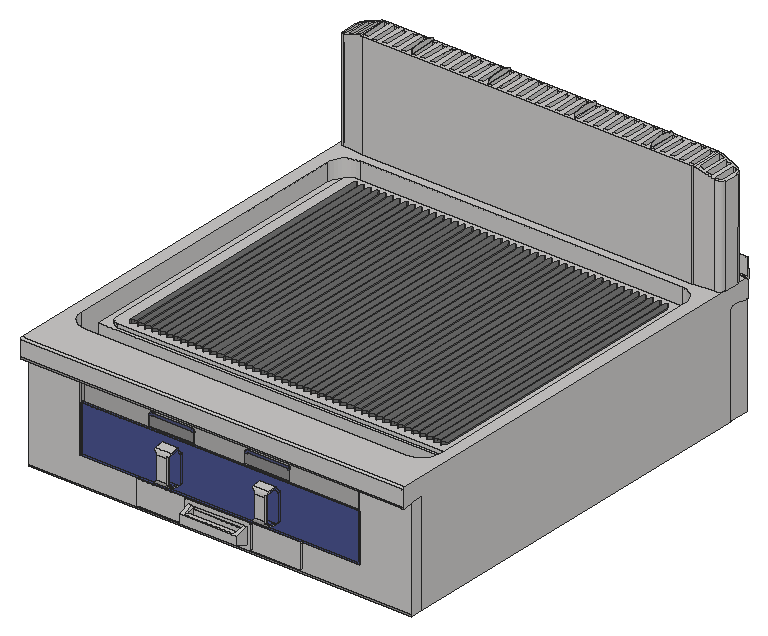
Revit family "QF_ELECTROLUXPROFESSIONAL_589103_MCHNABHOPO", category Specialty Equipment, Revit 2018
Family settings
  Round Connector Dimension = Use Diameter
  Part Type = Normal
  Work Plane-Based = No
  Always vertical = Yes
  Cut with Voids When Loaded = No
  Shared = No
  Room Calculation Point = No
Parameters
  Weight in Pounds = 264.6
  Watts = 0 W
  URL Cutsheet = ""
  Type Mark [instance] = ""
  Specification by User [instance] = ""
  Specification by Manufacturer = ""
  Show Clearance [instance] = yes
  Serial Number = ""
  Seismic Rating = ""
  SMACNA No = ""
  Revision Code [instance] = ""
  Omniclass Number and Title = ""
  NAFEM Spec ID Number = ""
  Model = "589103"
  Mechanical Remarks = ""
  Mechanical Connection Type = ""
  Masterspec = ""
  Manufacturer = "ELECTROLUX"
  Item Number [instance] = ""
  Installed By [instance] = ""
  Identify Quantity as Lot [instance] = yes
  HP = "0 HP"
  Gas Size = 1/2"
  Gas RI Height [instance] = 0 mm
  Gas KW = 20
  Gas Input [instance] = 68180.0 Btu/h
  Gas Connection Height = 0 mm
  Furnished By [instance] = ""
  Foodservice Equipment Identifier [instance] = yes
  Direct Waste Size = 0"
  Description = "GAS FRYTOP,RIBBED,1S,BSPL,800X900X250H"
  CSI MasterFormat = ""
  CSI Master Format = ""
Reference planes
  plane 1 "BACK": y = 0
  plane 2: z = 0
  plane 3 "LEFT": x = 0
  plane 4 "RIGHT": x = 800
  plane 5 "FRONT": y = -900
  plane 6 "TOP": z = 250
  plane 7: x = 400
  plane 8: y = -450
  plane 9: z = 481
  plane 10: y = -1330
Forms (mm)
  Extrusion 1, solid, material "QF_Finishes_Stainless Steel"
    sketch origin (0, -487.128, 0) x (0, 1, 0) y (0, 0, 1)
      loop
        line (483.128, 250) -> (-408.872, 250)
        arc (-408.872, 250) -> (-411.7, 248.828) -> (-412.872, 246) r 4
        line (-412.872, 246) -> (-412.872, 214)
        arc (-412.872, 214) -> (-411.443, 210.936) -> (-408.177, 210.061) r 4
        line (-408.177, 210.061) -> (-391.509, 213) -> (-366.872, 213) -> (-366.872, 0) -> (441.128, 0) -> (441.128, 213) -> (465.765, 213) -> (482.433, 210.061)
        arc (482.433, 210.061) -> (485.699, 210.936) -> (487.128, 214) r 4
        line (487.128, 214) -> (487.128, 246)
        arc (487.128, 246) -> (485.956, 248.828) -> (483.128, 250) r 4
    from 0 to 800
  Extrusion 2, void
    sketch origin (653.786, 44.048, 250) x (1, 0, 0) y (0, -1, 0)
      loop
        line (-590.636, 138.048) -> (83.064, 138.048)
        arc (83.064, 138.048) -> (110.04, 149.222) -> (121.214, 176.198) r 38.15
        line (121.214, 176.198) -> (121.214, 816.572)
        arc (121.214, 816.572) -> (109.944, 843.779) -> (82.737, 855.048) r 38.476
        line (82.737, 855.048) -> (-591.786, 855.048)
        arc (-591.786, 855.048) -> (-617.949, 844.211) -> (-628.786, 818.048) r 37
        line (-628.786, 818.048) -> (-628.786, 176.198)
        arc (-628.786, 176.198) -> (-617.613, 149.222) -> (-590.636, 138.048) r 38.15
    from 0 to 37
  Extrusion 3, void
    sketch origin (1307.573, 92.096, 213) x (0, 1, 0) y (1, 0, 0)
      loop
        line (-821.846, -532.573) -> (-864.62, -532.573)
        arc (-864.62, -532.573) -> (-891.827, -543.842) -> (-903.096, -571.049) r 38.476
        line (-903.096, -571.049) -> (-903.096, -1245.573)
        arc (-903.096, -1245.573) -> (-892.259, -1271.736) -> (-866.096, -1282.573) r 37
        line (-866.096, -1282.573) -> (-821.846, -1282.573) -> (-821.846, -532.573)
    from 0 to 25.6
  Extrusion 4, void
    sketch origin (1612.573, 92.096, 187.4) x (-1, 0, 0) y (0, 1, 0)
      loop
        circle (1212.573, -862.096) r 22.248
    from 0 to 92
  Extrusion 5, solid, material "QF_Finishes_Stainless Steel"
    sketch origin (0, -854, 0) x (1, 0, 0) y (0, -1, 0)
      loop
        circle (765, -264) r 6.35
    from 0 to 3.2
  Extrusion 6, solid, material "QF_Door-Drawer Clearances", visible <- "Show Clearance", detail levels coarse
    sketch origin (437.31, -881.593, 8.62) x (0, 0, 1) y (-1, 0, 0)
      loop
        line (1.973, -134.295) -> (49.317, -134.295)
        arc (49.317, -134.295) -> (50.776, -133.691) -> (51.38, -132.232) r 2.063
        line (51.38, -132.232) -> (51.38, 206.852)
        arc (51.38, 206.852) -> (50.88, 208.549) -> (49.541, 209.705) r 3.133
        line (49.541, 209.705) -> (3.067, 209.705)
        arc (3.067, 209.705) -> (0.898, 208.807) -> (0, 206.638) r 3.067
        line (0, 206.638) -> (0, -132.322)
        arc (0, -132.322) -> (0.578, -133.717) -> (1.973, -134.295) r 1.973
    from 0 to 448.407
  Extrusion 7, solid, material "QF_Clearances", visible <- "Show Clearance", detail levels coarse
    sketch origin (-178.969, -4572, 0) x (-1, 0, 0) y (0, -1, 0)
      loop
        line (-78.969, -3672) -> (-178.969, -3672) -> (-178.969, -4572) -> (-978.969, -4572) -> (-978.969, -3672) -> (-1078.969, -3672) -> (-1078.969, -4672) -> (-78.969, -4672) -> (-78.969, -3672)
    from 0 to 250
  Extrusion 8, solid, material "QF_Finishes_Stainless Steel"
    sketch origin (0, 0, 0) x (0, 1, 0) y (0, 0, 1)
      loop
        line (-2.951, 1.994) -> (-2.951, 210.127)
        arc (-2.951, 210.127) -> (-3.795, 210.003) -> (-4.646, 210.061) r 4
        line (-4.646, 210.061) -> (-21.287, 212.994) -> (-45, 212.994) -> (-45, -0.006) -> (-4.951, -0.006)
        arc (-4.951, -0.006) -> (-3.537, 0.58) -> (-2.951, 1.994) r 2
      loop
        arc (-1.951, 252) -> (-2.537, 250.586) -> (-3.951, 250) r 2
        arc (-3.951, 250) -> (-1.172, 248.823) -> (0, 245.994) r 4
        line (0, 245.994) -> (0, 288) -> (-1.951, 288) -> (-1.951, 252)
    from 800 to 0
Cuts and joins
  Extrusion 2, Extrusion 3, Extrusion 4 cuts Extrusion 1
Lines and regions (mm)
  symbolic lines
    curve 1: line (493.666, -902.326, 0) -> (493.666, -900, 0)
    curve 2: spline (499.334, -903.73, 0) -> (498.856, -903.657, 0) -> (498.378, -903.575, 0) -> (497.901, -903.486, 0) -> (497.425, -903.389, 0) -> (496.95, -903.283, 0) -> (496.476, -903.17, 0) -> (496.004, -903.049, 0) -> (495.533, -902.92, 0) -> (495.064, -902.783, 0) -> (494.596, -902.638, 0) -> (494.13, -902.486, 0) -> (493.666, -902.326, 0)
    curve 3: line (525.881, -902.326, 0) -> (525.881, -900, 0)
    curve 4: spline (525.881, -902.326, 0) -> (525.417, -902.486, 0) -> (524.951, -902.638, 0) -> (524.483, -902.783, 0) -> (524.014, -902.92, 0) -> (523.543, -903.049, 0) -> (523.071, -903.17, 0) -> (522.597, -903.283, 0) -> (522.122, -903.389, 0) -> (521.646, -903.486, 0) -> (521.169, -903.575, 0) -> (520.691, -903.657, 0) -> (520.213, -903.73, 0)
    curve 5: line (499.334, -903.73, 0) -> (520.213, -903.73, 0)
    curve 6: line (25, -774, 0) -> (25, -132.15, 0)
    curve 7: arc (25, -132.15, 0) -> (36.174, -105.174, 0) -> (63.15, -94, 0) r 38.15
    curve 8: line (63.15, -94, 0) -> (736.85, -94, 0)
    curve 9: arc (736.85, -94, 0) -> (763.826, -105.174, 0) -> (775, -132.15, 0) r 38.15
    curve 10: line (775, -132.15, 0) -> (775, -772.524, 0)
    curve 11: arc (775, -772.524, 0) -> (763.731, -799.731, 0) -> (736.524, -811, 0) r 38.476
    curve 12: line (736.524, -811, 0) -> (62, -811, 0)
    curve 13: arc (62, -811, 0) -> (35.837, -800.163, 0) -> (25, -774, 0) r 37
    curve 14: line (775, -729.75, 0) -> (25, -729.75, 0)
    curve 15: circle (400, -770, 0) r 22.248 normal (0, 0, -1)
    curve 16: line (0, 0, 0) -> (800, 0, 0)
    curve 17: line (0, -900, 0) -> (0, 0, 0)
    curve 18: line (800, -900, 0) -> (0, -900, 0)
    curve 19: line (800, 0, 0) -> (800, -900, 0)
    curve 20: line (347.608, -908.767, 0) -> (450.042, -908.767, 0)
    curve 21: line (450.042, -908.767, 0) -> (451.588, -900, 0)
    curve 22: line (347.608, -908.767, 0) -> (346.062, -900, 0)
    curve 29: line (0, -1.951, 0) -> (800, -1.951, 0)
  symbolic lines, style "QF_Door-Drawer Clearances"
    curve 23: line (227.605, -1330, 0) -> (227.605, -900, 0)
    curve 24: line (227.605, -1330, 0) -> (571.605, -1330, 0)
    curve 25: line (571.605, -1330, 0) -> (571.605, -900, 0)
  symbolic lines, style "QF_Clearances", visible <- "Show Clearance", detail levels coarse
    curve 26: line (-100, 100, 0) -> (-100, -900, 0)
    curve 27: line (900, 100, 0) -> (-100, 100, 0)
    curve 28: line (900, -900, 0) -> (900, 100, 0)
Dimensions and locks
  plane 3 "LEFT" to plane 4 "RIGHT" = 800 mm
  plane 5 "FRONT" to plane 1 "BACK" = 900 mm
  equal spacing: plane 3 "LEFT", plane 7, plane 4 "RIGHT"
  equal spacing: plane 5 "FRONT", plane 8, plane 1 "BACK"
  plane 6 "TOP" to level = 250 mm  (x2)
  plane 1 "BACK" to plane 5 "FRONT" = 900 mm
  Extrusion 5 sketch curve to plane 1 "BACK" = 590 mm
  Extrusion 5 sketch curve to plane 4 "RIGHT" = 35 mm
  plane 5 "FRONT" to plane 10 = 430 mm
  plane 9 to plane 6 "TOP" = 231 mm
  plane 9 to level = 481 mm
  Extrusion 7 to plane 3 "LEFT" = 100 mm
  plane 4 "RIGHT" to Extrusion 7 = 100 mm
  plane 1 "BACK" to Extrusion 7 = 100 mm
  aligned and locked: level to plane 2
  aligned and locked: Extrusion 6 to plane 10
  aligned and locked: plane 6 "TOP" to Extrusion 7
  aligned and locked: cut or joined group of Extrusion 1, Extrusion 2, Extrusion 3, Extrusion 4 to plane 4 "RIGHT"
  aligned and locked: plane 7 to nested 1
  aligned and locked: plane 7 to nested 2
  aligned and locked: Extrusion 8 to plane 4 "RIGHT"
  aligned and locked: plane 7 to nested 3
Automatic sketch dimensions
  Extrusion 1 to Extrusion 2 sketch curve = 90 mm
  Extrusion 1 to Extrusion 2 sketch curve = 122 mm
  Extrusion 1 to Extrusion 2 sketch curve = 25 mm
  Extrusion 2 sketch curve to Extrusion 2 sketch curve = 38.15 mm  (x2)
  Extrusion 1 to Extrusion 2 sketch curve = 123.476 mm
  Extrusion 1 to Extrusion 2 sketch curve = 85 mm
  Extrusion 2 sketch curve to Extrusion 2 sketch curve = 674.524 mm
  Extrusion 1 sketch curve to plane 5 "FRONT" = 0 mm
  Extrusion 1 sketch curve to plane 6 "TOP" = 0 mm
  Extrusion 1 sketch curve to level = 0 mm
  Extrusion 1 sketch curve to plane 1 "BACK" = 0 mm
  Extrusion 1 sketch curve to plane 6 "TOP" = 37 mm  (x2)
  Extrusion 1 sketch curve to plane 5 "FRONT" = 4 mm
  Extrusion 1 sketch curve to plane 5 "FRONT" = 21.363 mm
  Extrusion 1 sketch curve to plane 5 "FRONT" = 46 mm
  plane 1 "BACK" to Extrusion 1 sketch curve = 21.363 mm
  plane 1 "BACK" to Extrusion 1 sketch curve = 4 mm  (x2)
  Extrusion 1 sketch curve to Extrusion 1 sketch curve = 4 mm
  Extrusion 1 sketch curve to Extrusion 1 sketch curve = 0.695 mm
  Extrusion 1 sketch curve to Extrusion 1 sketch curve = 0 mm  (x4)
  plane 1 "BACK" to Extrusion 1 sketch curve = 4.695 mm
  Extrusion 1 sketch curve to Extrusion 1 sketch curve = 1 mm  (x2)
  plane 1 "BACK" to Extrusion 1 sketch curve = 46 mm
  Extrusion 3 sketch curve to Extrusion 2 = 81.25 mm
  Extrusion 2 to Extrusion 3 sketch curve = 0 mm  (x2)
  Extrusion 3 sketch curve to Extrusion 3 sketch curve = 37 mm
  Extrusion 3 sketch curve to Extrusion 3 sketch curve = 674.524 mm
  Extrusion 3 sketch curve to Extrusion 2 = 38.476 mm
  Extrusion 4 sketch curve to Extrusion 3 = 41 mm
  Extrusion 4 sketch curve to Extrusion 3 = 375 mm
  plane 1 "BACK" to Extrusion 7 sketch curve = 0 mm
  plane 5 "FRONT" to Extrusion 7 sketch curve = 0 mm  (x2)
  Extrusion 7 sketch curve to plane 4 "RIGHT" = 100 mm
  Extrusion 7 sketch curve to plane 1 "BACK" = 100 mm
  Extrusion 7 sketch curve to plane 3 "LEFT" = 100 mm
  Extrusion 7 sketch curve to plane 3 "LEFT" = 0 mm
  Extrusion 7 sketch curve to plane 4 "RIGHT" = 0 mm
  level to Extrusion 6 sketch curve = 8.62 mm
  level to Extrusion 6 sketch curve = 57.937 mm
  plane 7 to Extrusion 6 sketch curve = 171.605 mm
  Extrusion 6 sketch curve to Extrusion 6 sketch curve = 1.973 mm
  Extrusion 6 sketch curve to Extrusion 6 sketch curve = 3.067 mm
  Extrusion 6 sketch curve to Extrusion 6 sketch curve = 46.474 mm
  Extrusion 6 sketch curve to Extrusion 6 sketch curve = 2.063 mm
  Extrusion 6 sketch curve to Extrusion 6 sketch curve = 3.133 mm
  Extrusion 6 sketch curve to plane 7 = 169.328 mm
  Extrusion 8 sketch curve to plane 1 "BACK" = 0 mm  (x2)
  Extrusion 8 sketch curve to level = 0.006 mm
  Extrusion 8 sketch curve to plane 6 "TOP" = 0 mm
  Extrusion 8 sketch curve to Extrusion 8 sketch curve = 1.951 mm
  plane 1 "BACK" to Extrusion 8 sketch curve = 2.951 mm
  Extrusion 8 sketch curve to Extrusion 8 sketch curve = 2 mm  (x2)
  Extrusion 8 sketch curve to Extrusion 8 sketch curve = 18.335 mm
  Extrusion 8 sketch curve to Extrusion 8 sketch curve = 40.049 mm
  Extrusion 8 sketch curve to Extrusion 8 sketch curve = 1.695 mm
  Extrusion 8 sketch curve to Extrusion 8 sketch curve = 0 mm  (x3)
  Extrusion 8 sketch curve to Extrusion 8 sketch curve = 4 mm
  plane 1 "BACK" to Extrusion 8 sketch curve = 3.951 mm
  Extrusion 8 sketch curve to plane 6 "TOP" = 39.873 mm
  Extrusion 8 sketch curve to plane 6 "TOP" = 37.006 mm
  Extrusion 8 sketch curve to Extrusion 8 sketch curve = 36 mm
  Extrusion 8 sketch curve to Extrusion 8 sketch curve = 0.066 mm
  Extrusion 8 sketch curve to plane 6 "TOP" = 4.006 mm
  plane 1 "BACK" to curve 16 = 0 mm
  curve 25 to plane 10 = 0 mm
  curve 17 to plane 3 "LEFT" = 0 mm
  plane 5 "FRONT" to curve 18 = 0 mm
  plane 5 "FRONT" to curve 28 = 0 mm
  curve 29 to plane 4 "RIGHT" = 0 mm
  curve 15 to plane 7 = 0 mm
  plane 5 "FRONT" to curve 26 = 0 mm
  curve 27 to plane 4 "RIGHT" = 100 mm
  plane 4 "RIGHT" to curve 10 = 25 mm
  curve 10 to curve 12 = 38.476 mm
  plane 7 to curve 25 = 171.605 mm
  plane 5 "FRONT" to curve 3 = 2.326 mm
  curve 25 to curve 3 = 45.724 mm
  plane 5 "FRONT" to curve 5 = 3.73 mm
  curve 4 to curve 5 = 5.669 mm
  curve 5 to curve 5 = 20.878 mm
  plane 5 "FRONT" to curve 1 = 2.326 mm
  curve 2 to curve 1 = 5.669 mm
  plane 5 "FRONT" to curve 21 = 8.767 mm
  curve 2 to curve 21 = 43.623 mm
  curve 22 to plane 7 = 52.392 mm
  curve 23 to plane 7 = 172.395 mm
  plane 3 "LEFT" to curve 12 = 62 mm
  plane 3 "LEFT" to curve 6 = 25 mm
  curve 27 to plane 3 "LEFT" = 100 mm
  curve 3 to curve 4 = 9.839 mm
  plane 5 "FRONT" to curve 2 = 4.032 mm
  curve 2 to curve 5 = 4.17 mm
  curve 21 to curve 20 = 1.546 mm
  curve 20 to curve 22 = 1.546 mm
  curve 26 to plane 1 "BACK" = 100 mm
  plane 1 "BACK" to curve 8 = 94 mm
  plane 1 "BACK" to curve 29 = 1.951 mm
  curve 15 to plane 5 "FRONT" = 130 mm
  curve 2 to curve 4 = 0 mm
  plane 4 "RIGHT" to curve 8 = 63.15 mm
  plane 1 "BACK" to curve 6 = 132.15 mm
  curve 10 to plane 5 "FRONT" = 127.476 mm
  curve 14 to curve 13 = 44.25 mm
  radius of Extrusion 4 sketch curve = 22.248 mm
  radius of Extrusion 5 sketch curve = 6.35 mm
  radius of curve 15 = 22.248 mm
Nested families
  nested 1: "GG_900_800 Front Panel with Center Grease Trap" at (0, -854, -650), type "GG_900_800 Front Panel with Center Grease Trap"
  nested 2: "GG_900_Backsplash for 800 fryer" at (388.888, -5, -635.571), type "GG_900_Backsplash for 800 fryer"
  nested 3: "GG_900_800 mm Full Grate" at (400, -411.875, -675), type "GG_900_800 mm Full Grate"
Connectors
  piping at (765, -590, -3.2), diameter 12.8
    settings: on Extrusion 5, index 1, connector inside diameter 0.50394", connector length 0 mm, flow factor 0, pipe flow 0 GPM, pressure drop 0.00 psi, fitting loss kfactor 0, connector angle 0.00°, fixture units 0, engagement length 0 mm, angle of deflection 0.00°, flow configuration 1, flow direction 1, fitting loss method 0, system type 7, joint type 0, gender type 0, connector reference index -1, connector utility 0, adjustable connector no, is connector primary yes, connector description "GAS CONNECTION"
Definition of nested family "GG_900_800 Front Panel with Center Grease Trap"
  Reference planes
    plane 1 "Center (Front/Back)": y = 0
    plane 2: z = 0
    plane 3 "Center (Left/Right)": x = 0
    plane 4: y = -26.492
    plane 5: x = 400
    plane 6: x = 522.091
    plane 7: x = 319.468
  Forms (mm)
    Extrusion 1, solid
      sketch origin (1033.217, 829.203, -1.25) x (0, 1, 0) y (0, 0, 1)
        loop
          arc (-854.203, 654.25) -> (-853.324, 652.129) -> (-851.203, 651.25) r 3
          line (-851.203, 651.25) -> (-829.203, 651.25) -> (-829.203, 864.25) -> (-854.203, 864.25) -> (-854.203, 654.25)
      from -1033.217 to -233.217
    Extrusion 2, void
      sketch origin (1033.217, 829.203, -1.25) x (1, 0, 0) y (0, 0, 1)
        loop
          line (-341.217, 853.25) -> (-925.217, 853.25) -> (-925.217, 711.25) -> (-341.217, 711.25) -> (-341.217, 853.25)
      from 843.409 to 854.203
  Cuts and joins
    Extrusion 2 cuts Extrusion 1
  Dimensions and locks
    cut or joined group of Extrusion 1, Extrusion 2 to cut or joined group of Extrusion 1, Extrusion 2 = 108 mm
    nested 2 to plane 3 "Center (Left/Right)" = 108 mm
    nested 2 to plane 3 "Center (Left/Right)" = 252.97 mm
    cut or joined group of Extrusion 1, Extrusion 2 to nested 2 = 253.275 mm
    cut or joined group of Extrusion 1, Extrusion 2 to nested 4 = 297.909 mm
    nested 3 to plane 3 "Center (Left/Right)" = 298.218 mm
    aligned and locked: nested 1 to nested 2
  Nested families
    nested 1: "grease trap door" at (467.599, -25, 0.608) x (-1, 0, 0) z (0, 0, 1), type "grease trap door"
    nested 2: "Long Glass Control Panel w-Two Reads" at (108, -25, 5.811), type "Long Glass Control Panel w-Two Reads"
    nested 3: "Range Control Handle" at (298.218, -28.137, -207.75), type "Range Control Handle"
    nested 4: "Range Control Handle" at (502.091, -28.137, -207.75), type "Range Control Handle"
  Definition of nested family "grease trap door"
    Reference planes
      plane 1 "Center (Front/Back)": y = 0
      plane 2: z = 0
      plane 3 "Center (Left/Right)": x = 0
    Forms (mm)
      Extrusion 1, solid
        sketch origin (1627.55, 854.203, -1.25) x (1, 0, 0) y (0, 0, 1)
          loop
            arc (-1627.55, 661.235) -> (-1626.972, 659.84) -> (-1625.577, 659.262) r 1.973
            line (-1625.577, 659.262) -> (-1494.325, 659.262)
            arc (-1494.325, 659.262) -> (-1492.156, 660.16) -> (-1491.258, 662.329) r 3.067
            line (-1491.258, 662.329) -> (-1491.258, 708.803)
            arc (-1491.258, 708.803) -> (-1492.414, 710.143) -> (-1494.111, 710.642) r 3.133
            line (-1494.111, 710.642) -> (-1625.486, 710.642)
            arc (-1625.486, 710.642) -> (-1626.945, 710.038) -> (-1627.55, 708.579) r 2.063
            line (-1627.55, 708.579) -> (-1627.55, 661.235)
        from 856.795 to 859.203
      Extrusion 2, solid
        sketch origin (445.874, 2476.61, 0) x (0, 1, 0) y (0, 0, 1)
          loop
            line (-2506.377, 675.273) -> (-2481.61, 667.505) -> (-2481.61, 700.995) -> (-2506.377, 693.227) -> (-2506.377, 675.273)
        from -437.68 to -317.68
      Extrusion 3, void
        sketch origin (1627.55, 854.203, -1.25) x (1, 0, 0) y (0, 0, 1)
          loop
            line (-1614.883, 703) -> (-1610.542, 695.433) -> (-1508.17, 695.433) -> (-1503.828, 703) -> (-1614.883, 703)
          loop
            line (-1614.883, 668) -> (-1502.669, 668) -> (-1507.01, 675.567) -> (-1610.542, 675.567) -> (-1614.883, 668)
        from 832.916 to 883.97
      Extrusion 4, void
        sketch origin (447.55, 854.203, -1.25) x (1, 0, 0) y (0, 0, 1)
          loop
            line (-430.542, 695.433) -> (-430.542, 675.567) -> (-328.17, 675.567) -> (-328.17, 695.433) -> (-430.542, 695.433)
        from 859.203 to 874.202
      Extrusion 5, solid
        sketch origin (1627.55, 854.203, -1.25) x (1, 0, 0) y (0, 0, 1)
          loop
            arc (-1731.556, 661.235) -> (-1730.978, 659.84) -> (-1729.583, 659.262) r 1.973
            line (-1729.583, 659.262) -> (-1390.623, 659.262)
            arc (-1390.623, 659.262) -> (-1388.454, 660.16) -> (-1387.556, 662.329) r 3.067
            line (-1387.556, 662.329) -> (-1387.556, 708.803)
            arc (-1387.556, 708.803) -> (-1388.712, 710.143) -> (-1390.409, 710.642) r 3.133
            line (-1390.409, 710.642) -> (-1729.493, 710.642)
            arc (-1729.493, 710.642) -> (-1730.952, 710.038) -> (-1731.556, 708.579) r 2.063
            line (-1731.556, 708.579) -> (-1731.556, 661.235)
        from 854.203 to 856.795
    Cuts and joins
      Extrusion 3 cuts Extrusion 1
      Extrusion 3, Extrusion 4 cuts Extrusion 2
      joined: Extrusion 1, Extrusion 2
    Lines and regions (mm)
      symbolic lines
        curve 1: line (0, -2.593, 0) -> (136.292, -2.593, 0)
        curve 2: line (17.557, -29.767, 0) -> (12.667, -2.593, 0)
        curve 3: line (17.557, -29.767, 0) -> (119.991, -29.767, 0)
        curve 4: line (119.991, -29.767, 0) -> (124.881, -2.593, 0)
        curve 5: line (68.146, -2.593, 0) -> (68.146, -29.767, 0)
      model lines
        curve 6: line (67.599, 0, 658.012) -> (67.599, 0, 709.392)
    Dimensions and locks
      aligned and locked: Extrusion 2 to Extrusion 1
      aligned and locked: Extrusion 3 to Extrusion 2
      aligned and locked: Extrusion 4 to Extrusion 1
  Definition of nested family "Long Glass Control Panel w-Two Reads"
    Reference planes
      plane 1 "Center (Front/Back)": y = 0
      plane 2: z = 0
      plane 3 "Center (Left/Right)": x = 0
      plane 4: x = 584
      plane 5: x = 581.091
      plane 6: x = 350
      plane 7: x = 233.749
      plane 8 "Top": z = 846.189
      plane 9 "Center": x = 292
    Forms (mm)
      Extrusion 1, solid
        sketch origin (550.286, 304.8, -4.308) x (1, 0, 0) y (0, 0, 1)
          loop
            line (-550.286, 806.791) -> (-550.286, 708.497) -> (33.714, 708.497) -> (33.714, 806.791) -> (-550.286, 806.791)
        from 300.031 to 304.8
      Extrusion 2, solid
        sketch origin (550.286, 304.8, -4.308) x (1, 0, 0) y (0, 0, 1)
          loop
            line (-550.286, 850.497) -> (-550.286, 806.791) -> (33.714, 806.791) -> (33.714, 850.497) -> (-550.286, 850.497)
        from 300.031 to 304.8
      Extrusion 3, solid
        sketch origin (550.286, 305.901, -4.308) x (1, 0, 0) y (0, 0, 1)
          loop
            line (-311.561, 812.62) -> (-311.561, 834.177) -> (-316.37, 834.177) -> (-318.169, 835.977) -> (-398.599, 835.977) -> (-400.399, 834.177) -> (-405.316, 834.177) -> (-405.316, 812.62) -> (-311.561, 812.62)
          loop
            line (-111.561, 812.62) -> (-111.561, 834.177) -> (-116.37, 834.177) -> (-118.169, 835.977) -> (-198.599, 835.977) -> (-200.399, 834.177) -> (-205.316, 834.177) -> (-205.316, 812.62) -> (-111.561, 812.62)
        from 304.798 to 306.745
      Extrusion 4, solid
        sketch origin (550.286, 305.901, -4.308) x (1, 0, 0) y (0, 0, 1)
          loop
            line (-318.121, 835.977) -> (-316.321, 834.177) -> (-311.611, 834.177)
            arc (-311.611, 834.177) -> (-312.787, 838.752) -> (-317.062, 840.763) r 5.549
            line (-317.062, 840.763) -> (-399.768, 840.763)
            arc (-399.768, 840.763) -> (-404.024, 838.747) -> (-405.16, 834.177) r 5.5
            line (-405.16, 834.177) -> (-400.351, 834.177) -> (-398.551, 835.977) -> (-318.121, 835.977)
          loop
            line (-200.222, 834.177) -> (-198.422, 835.977) -> (-117.993, 835.977) -> (-116.193, 834.177) -> (-111.482, 834.177)
            arc (-111.482, 834.177) -> (-112.659, 838.752) -> (-116.934, 840.763) r 5.549
            line (-116.934, 840.763) -> (-199.639, 840.763)
            arc (-199.639, 840.763) -> (-203.895, 838.747) -> (-205.031, 834.177) r 5.5
            line (-205.031, 834.177) -> (-200.222, 834.177)
        from 304.798 to 306.745
      Extrusion 5, void
        sketch origin (550.286, 304.8, -4.308) x (1, 0, 0) y (0, 0, 1)
          loop
            line (-547.628, 847.565) -> (-547.628, 710.699) -> (30.804, 710.699) -> (30.804, 847.565) -> (-547.628, 847.565)
        from 303.697 to 304.8
    Cuts and joins
      Extrusion 5 cuts Extrusion 1
      Extrusion 5 cuts Extrusion 2
      Extrusion 5 cuts Extrusion 3
      Extrusion 5 cuts Extrusion 4
    Lines and regions (mm)
      symbolic lines
        curve 1: line (0, 4.769, 0) -> (584, 4.769, 0)
    Dimensions and locks
      plane 4 to plane 3 "Center (Left/Right)" = 584 mm
      locked: plane 4 to plane 5 at 2.909
      plane 4 to plane 6 = 234 mm
      plane 7 to plane 3 "Center (Left/Right)" = 233.749 mm
      aligned and locked: Extrusion 1 to Extrusion 2
      aligned and locked: Extrusion 3 to Extrusion 4
  Definition of nested family "Range Control Handle"
    Reference planes
      plane 1 "Center (Front/Back)": y = 0
      plane 2: z = 0
      plane 3 "Center (Left/Right)": x = 0
      plane 4: z = 971.092
    Forms (mm)
      Extrusion 1, solid
        sketch origin (-746.28, 380.497, 208.931) x (-1, 0, 0) y (0, 0, 1)
          loop
            line (-770.101, 786.798) -> (-770.101, 731.649)
            arc (-770.101, 731.649) -> (-769.759, 730.563) -> (-768.855, 729.87) r 1.893
            line (-768.855, 729.87) -> (-763.474, 727.911) -> (-729.81, 727.911) -> (-724.428, 729.87)
            arc (-724.428, 729.87) -> (-723.525, 730.563) -> (-723.183, 731.649) r 1.893
            line (-723.183, 731.649) -> (-723.183, 786.798)
            arc (-723.183, 786.798) -> (-723.529, 787.894) -> (-724.44, 788.593) r 1.91
            line (-724.44, 788.593) -> (-729.683, 790.819) -> (-763.601, 790.819) -> (-768.844, 788.593)
            arc (-768.844, 788.593) -> (-769.755, 787.894) -> (-770.101, 786.798) r 1.91
        from -382.35 to -378.852
      Sweep 2, solid
        path origin (-746.788, 380.496, 208.091) x (0, -1, 0) y (0, 0, 1)
          loop
            line (379.775, 793.281) -> (395.661, 791.048)
            arc (395.661, 791.048) -> (397.781, 787.377) -> (398.517, 783.202) r 12.207
            line (398.517, 783.202) -> (398.517, 737.368)
            arc (398.517, 737.368) -> (397.781, 733.193) -> (395.661, 729.522) r 12.207
            line (395.661, 729.522) -> (379.775, 727.289)
        profile origin (-746.788, -7.222, 1000.256) x (0, -0.139173, 0.990268) y (-1, 0, 0)
          loop
            line (0.782, -763.123) -> (0.782, -730.907) -> (-1.322, -730.907) -> (-1.322, -763.123) -> (0.782, -763.123)
      Sweep 3, solid
        path origin (-746.788, 380.715, 207.832) x (0, -1, 0) y (0, 0, 1)
          loop
            line (380.478, 795.442) -> (397.218, 793.09)
            arc (397.218, 793.09) -> (399.929, 788.473) -> (400.871, 783.202) r 15.207
            line (400.871, 783.202) -> (400.871, 737.584)
            arc (400.871, 737.584) -> (399.914, 732.274) -> (397.164, 727.633) r 15.207
            line (397.164, 727.633) -> (380.601, 725.305)
        profile origin (-746.788, -8.132, 1002.099) x (0, -0.139173, 0.990268) y (-1, 0, 0)
          loop
            line (0.782, -763.123) -> (0.782, -730.907) -> (-1.322, -730.907) -> (-1.322, -763.123) -> (0.782, -763.123)
      Extrusion 4, void
        sketch origin (889.253, 220.666, 207.993) x (1, 0, 0) y (0, 0, 1)
          loop
            line (-943.038, 816.854) -> (-943.038, 703.686) -> (-899.466, 734.196) -> (-899.466, 786.344) -> (-943.038, 816.854)
        from 230.636 to 242.25
      Extrusion 5, void
        sketch origin (-888.8, 220.666, 207.993) x (-1, 0, 0) y (0, 0, -1)
          loop
            line (-943.038, -816.854) -> (-899.466, -786.344) -> (-899.466, -734.196) -> (-943.038, -703.686) -> (-943.038, -816.854)
        from 230.636 to 242.25
      Extrusion 6, solid
        sketch origin (0, 0, 0) x (1, 0, 0) y (0, 0, 1)
          loop
            circle (0, 971.092) r 7.736
        from -3.137 to -1.645
    Cuts and joins
      Extrusion 4, Extrusion 5 cuts Sweep 3
      Extrusion 4, Extrusion 5 cuts Sweep 2
      joined: Extrusion 1, Extrusion 6
    Lines and regions (mm)
      symbolic lines
        curve 1: line (23.821, 1.645, 0) -> (-23.097, 1.645, 0)
        curve 2: line (16.334, -1.853, 0) -> (23.821, -1.853, 0)
        curve 3: line (-15.881, -19.189, 0) -> (-15.881, -1.853, 0)
        curve 4: line (-23.097, -1.853, 0) -> (-15.881, -1.853, 0)
        curve 5: line (16.334, -19.189, 0) -> (16.334, -1.853, 0)
        curve 6: spline (-15.881, -19.189, 0) -> (-15.417, -19.349, 0) -> (-14.951, -19.501, 0) -> (-14.483, -19.646, 0) -> (-14.014, -19.783, 0) -> (-13.543, -19.912, 0) -> (-13.071, -20.033, 0) -> (-12.597, -20.146, 0) -> (-12.122, -20.251, 0) -> (-11.646, -20.349, 0) -> (-11.169, -20.438, 0) -> (-10.691, -20.52, 0) -> (-10.213, -20.593, 0)
        curve 7: spline (10.666, -20.593, 0) -> (11.144, -20.52, 0) -> (11.622, -20.438, 0) -> (12.099, -20.349, 0) -> (12.575, -20.251, 0) -> (13.05, -20.146, 0) -> (13.524, -20.033, 0) -> (13.996, -19.912, 0) -> (14.467, -19.783, 0) -> (14.936, -19.646, 0) -> (15.404, -19.501, 0) -> (15.87, -19.349, 0) -> (16.334, -19.189, 0)
        curve 8: line (-10.213, -20.938, 0) -> (10.716, -20.938, 0)
        curve 9: line (-23.097, 1.645, 0) -> (-23.097, -1.853, 0)
        curve 10: line (23.821, 1.645, 0) -> (23.821, -1.853, 0)
Definition of nested family "GG_900_Backsplash for 800 fryer"
  Reference planes
    plane 1 "Center (Front/Back)": y = 0
    plane 2: z = 0
    plane 3 "Center (Left/Right)": x = 11.112
    plane 4: x = -388.888
    plane 5: x = 411.112
    plane 6: y = -37.994
  Forms (mm)
    Extrusion 1, solid
      sketch origin (3208.371, -22.924, -275.679) x (1, 0, 0) y (0, 0, 1)
        loop
          line (-3597.259, 1365.162) -> (-3597.259, 1161.25) -> (-2797.259, 1161.25) -> (-2797.259, 1364.934) -> (-2841.553, 1381.055)
          arc (-2841.553, 1381.055) -> (-2844.994, 1381.949) -> (-2848.536, 1382.25) r 21
          line (-2848.536, 1382.25) -> (-3546.608, 1382.25)
          arc (-3546.608, 1382.25) -> (-3550.146, 1381.95) -> (-3553.582, 1381.058) r 21
          line (-3553.582, 1381.058) -> (-3597.259, 1365.162)
      from -17.885 to 48.024
    Extrusion 2, void
      sketch origin (3108.387, -925.98, -226.348) x (1, 0, 0) y (0, 1, 0)
        loop
          line (-3444.887, 915.362) -> (-3444.887, 861.502) -> (-3434.887, 861.502) -> (-3434.887, 915.362) -> (-3444.887, 915.362)
      from 1111.919 to 1332.919
    Extrusion 3, void
      sketch origin (3789.012, -925.98, -226.348) x (1, 0, 0) y (0, 1, 0)
        loop
          line (-3444.887, 915.362) -> (-3444.887, 861.502) -> (-3434.887, 861.502) -> (-3434.887, 915.362) -> (-3444.887, 915.362)
      from 1111.919 to 1332.919
    Extrusion 4, void
      sketch origin (3128.405, -925.98, -226.348) x (1, 0, 0) y (0, 1, 0)
        loop
          line (-3444.887, 915.362) -> (-3444.887, 861.502) -> (-3434.887, 861.502) -> (-3434.887, 915.362) -> (-3444.887, 915.362)
      from 1111.919 to 1332.919
    Extrusion 5, void
      sketch origin (3148.424, -925.98, -226.348) x (1, 0, 0) y (0, 1, 0)
        loop
          line (-3444.887, 915.362) -> (-3444.887, 861.502) -> (-3434.887, 861.502) -> (-3434.887, 915.362) -> (-3444.887, 915.362)
      from 1111.919 to 1332.919
    Extrusion 6, void
      sketch origin (3168.442, -925.98, -226.348) x (1, 0, 0) y (0, 1, 0)
        loop
          line (-3444.887, 915.362) -> (-3444.887, 861.502) -> (-3434.887, 861.502) -> (-3434.887, 915.362) -> (-3444.887, 915.362)
      from 1111.919 to 1332.919
    Extrusion 7, void
      sketch origin (3188.46, -925.98, -226.348) x (1, 0, 0) y (0, 1, 0)
        loop
          line (-3444.887, 915.362) -> (-3444.887, 861.502) -> (-3434.887, 861.502) -> (-3434.887, 915.362) -> (-3444.887, 915.362)
      from 1111.919 to 1332.919
    Extrusion 8, void
      sketch origin (3208.479, -925.98, -226.348) x (1, 0, 0) y (0, 1, 0)
        loop
          line (-3444.887, 915.362) -> (-3444.887, 861.502) -> (-3434.887, 861.502) -> (-3434.887, 915.362) -> (-3444.887, 915.362)
      from 1111.919 to 1332.919
    Extrusion 9, void
      sketch origin (3228.497, -925.98, -226.348) x (1, 0, 0) y (0, 1, 0)
        loop
          line (-3444.887, 915.362) -> (-3444.887, 861.502) -> (-3434.887, 861.502) -> (-3434.887, 915.362) -> (-3444.887, 915.362)
      from 1111.919 to 1332.919
    Extrusion 10, void
      sketch origin (3248.516, -925.98, -226.348) x (1, 0, 0) y (0, 1, 0)
        loop
          line (-3444.887, 915.362) -> (-3444.887, 861.502) -> (-3434.887, 861.502) -> (-3434.887, 915.362) -> (-3444.887, 915.362)
      from 1111.919 to 1332.919
    Extrusion 11, void
      sketch origin (3268.534, -925.98, -226.348) x (1, 0, 0) y (0, 1, 0)
        loop
          line (-3444.887, 915.362) -> (-3444.887, 861.502) -> (-3434.887, 861.502) -> (-3434.887, 915.362) -> (-3444.887, 915.362)
      from 1111.919 to 1332.919
    Extrusion 12, void
      sketch origin (3288.552, -925.98, -226.348) x (1, 0, 0) y (0, 1, 0)
        loop
          line (-3444.887, 915.362) -> (-3444.887, 861.502) -> (-3434.887, 861.502) -> (-3434.887, 915.362) -> (-3444.887, 915.362)
      from 1111.919 to 1332.919
    Extrusion 13, void
      sketch origin (3308.571, -925.98, -226.348) x (1, 0, 0) y (0, 1, 0)
        loop
          line (-3444.887, 915.362) -> (-3444.887, 861.502) -> (-3434.887, 861.502) -> (-3434.887, 915.362) -> (-3444.887, 915.362)
      from 1111.919 to 1332.919
    Extrusion 14, void
      sketch origin (3328.589, -925.98, -226.348) x (1, 0, 0) y (0, 1, 0)
        loop
          line (-3444.887, 915.362) -> (-3444.887, 861.502) -> (-3434.887, 861.502) -> (-3434.887, 915.362) -> (-3444.887, 915.362)
      from 1111.919 to 1332.919
    Extrusion 15, void
      sketch origin (3348.607, -925.98, -226.348) x (1, 0, 0) y (0, 1, 0)
        loop
          line (-3444.887, 915.362) -> (-3444.887, 861.502) -> (-3434.887, 861.502) -> (-3434.887, 915.362) -> (-3444.887, 915.362)
      from 1111.919 to 1332.919
    Extrusion 16, void
      sketch origin (3368.626, -925.98, -226.348) x (1, 0, 0) y (0, 1, 0)
        loop
          line (-3444.887, 915.362) -> (-3444.887, 861.502) -> (-3434.887, 861.502) -> (-3434.887, 915.362) -> (-3444.887, 915.362)
      from 1111.919 to 1332.919
    Extrusion 17, void
      sketch origin (3388.644, -925.98, -226.348) x (1, 0, 0) y (0, 1, 0)
        loop
          line (-3444.887, 915.362) -> (-3444.887, 861.502) -> (-3434.887, 861.502) -> (-3434.887, 915.362) -> (-3444.887, 915.362)
      from 1111.919 to 1332.919
    Extrusion 18, void
      sketch origin (3408.663, -925.98, -226.348) x (1, 0, 0) y (0, 1, 0)
        loop
          line (-3444.887, 915.362) -> (-3444.887, 861.502) -> (-3434.887, 861.502) -> (-3434.887, 915.362) -> (-3444.887, 915.362)
      from 1111.919 to 1332.919
    Extrusion 19, void
      sketch origin (3428.681, -925.98, -226.348) x (1, 0, 0) y (0, 1, 0)
        loop
          line (-3444.887, 915.362) -> (-3444.887, 861.502) -> (-3434.887, 861.502) -> (-3434.887, 915.362) -> (-3444.887, 915.362)
      from 1111.919 to 1332.919
    Extrusion 20, void
      sketch origin (3448.699, -925.98, -226.348) x (1, 0, 0) y (0, 1, 0)
        loop
          line (-3444.887, 915.362) -> (-3444.887, 861.502) -> (-3434.887, 861.502) -> (-3434.887, 915.362) -> (-3444.887, 915.362)
      from 1111.919 to 1332.919
    Extrusion 21, void
      sketch origin (3468.718, -925.98, -226.348) x (1, 0, 0) y (0, 1, 0)
        loop
          line (-3444.887, 915.362) -> (-3444.887, 861.502) -> (-3434.887, 861.502) -> (-3434.887, 915.362) -> (-3444.887, 915.362)
      from 1111.919 to 1332.919
    Extrusion 22, void
      sketch origin (3488.736, -925.98, -226.348) x (1, 0, 0) y (0, 1, 0)
        loop
          line (-3444.887, 915.362) -> (-3444.887, 861.502) -> (-3434.887, 861.502) -> (-3434.887, 915.362) -> (-3444.887, 915.362)
      from 1111.919 to 1332.919
    Extrusion 23, void
      sketch origin (3508.755, -925.98, -226.348) x (1, 0, 0) y (0, 1, 0)
        loop
          line (-3444.887, 915.362) -> (-3444.887, 861.502) -> (-3434.887, 861.502) -> (-3434.887, 915.362) -> (-3444.887, 915.362)
      from 1111.919 to 1332.919
    Extrusion 24, void
      sketch origin (3528.773, -925.98, -226.348) x (1, 0, 0) y (0, 1, 0)
        loop
          line (-3444.887, 915.362) -> (-3444.887, 861.502) -> (-3434.887, 861.502) -> (-3434.887, 915.362) -> (-3444.887, 915.362)
      from 1111.919 to 1332.919
    Extrusion 25, void
      sketch origin (3548.791, -925.98, -226.348) x (1, 0, 0) y (0, 1, 0)
        loop
          line (-3444.887, 915.362) -> (-3444.887, 861.502) -> (-3434.887, 861.502) -> (-3434.887, 915.362) -> (-3444.887, 915.362)
      from 1111.919 to 1332.919
    Extrusion 26, void
      sketch origin (3568.81, -925.98, -226.348) x (1, 0, 0) y (0, 1, 0)
        loop
          line (-3444.887, 915.362) -> (-3444.887, 861.502) -> (-3434.887, 861.502) -> (-3434.887, 915.362) -> (-3444.887, 915.362)
      from 1111.919 to 1332.919
    Extrusion 27, void
      sketch origin (3588.828, -925.98, -226.348) x (1, 0, 0) y (0, 1, 0)
        loop
          line (-3444.887, 915.362) -> (-3444.887, 861.502) -> (-3434.887, 861.502) -> (-3434.887, 915.362) -> (-3444.887, 915.362)
      from 1111.919 to 1332.919
    Extrusion 28, void
      sketch origin (3608.846, -925.98, -226.348) x (1, 0, 0) y (0, 1, 0)
        loop
          line (-3444.887, 915.362) -> (-3444.887, 861.502) -> (-3434.887, 861.502) -> (-3434.887, 915.362) -> (-3444.887, 915.362)
      from 1111.919 to 1332.919
    Extrusion 29, void
      sketch origin (3628.865, -925.98, -226.348) x (1, 0, 0) y (0, 1, 0)
        loop
          line (-3444.887, 915.362) -> (-3444.887, 861.502) -> (-3434.887, 861.502) -> (-3434.887, 915.362) -> (-3444.887, 915.362)
      from 1111.919 to 1332.919
    Extrusion 30, void
      sketch origin (3648.883, -925.98, -226.348) x (1, 0, 0) y (0, 1, 0)
        loop
          line (-3444.887, 915.362) -> (-3444.887, 861.502) -> (-3434.887, 861.502) -> (-3434.887, 915.362) -> (-3444.887, 915.362)
      from 1111.919 to 1332.919
    Extrusion 31, void
      sketch origin (3668.902, -925.98, -226.348) x (1, 0, 0) y (0, 1, 0)
        loop
          line (-3444.887, 915.362) -> (-3444.887, 861.502) -> (-3434.887, 861.502) -> (-3434.887, 915.362) -> (-3444.887, 915.362)
      from 1111.919 to 1332.919
    Extrusion 32, void
      sketch origin (0, 0, 0) x (1, 0, 0) y (0, 1, 0)
        loop
          line (-373.021, -61.567) -> (-373.021, -14.408) -> (-377.678, -14.821)
          spline (-377.678, -14.821) -> (-378.371, -14.929) -> (-379.046, -15.126) -> (-379.692, -15.41) -> (-380.301, -15.777) -> (-380.864, -16.22) -> (-381.37, -16.734) -> (-381.814, -17.309) -> (-382.188, -17.939) -> (-382.486, -18.613) -> (-382.704, -19.32) -> (-382.839, -20.051) -> (-382.888, -20.793)
          line (-382.888, -20.793) -> (-382.888, -55.104)
          spline (-382.888, -55.104) -> (-382.855, -55.807) -> (-382.746, -56.501) -> (-382.562, -57.176) -> (-382.305, -57.825) -> (-381.98, -58.437) -> (-381.589, -59.005) -> (-381.14, -59.521) -> (-380.637, -59.978) -> (-380.087, -60.369) -> (-379.499, -60.69) -> (-378.879, -60.936) -> (-378.237, -61.104)
          line (-378.237, -61.104) -> (-373.021, -61.567)
        loop
          line (-367.195, -62.083) -> (-357.328, -62.958) -> (-357.328, -13.046) -> (-367.195, -13.892) -> (-367.195, -62.083)
        loop
          line (-351.502, -12.529) -> (-351.502, -63.476) -> (-341.546, -64.358) -> (-341.546, -11.645) -> (-351.502, -12.529)
        loop
          line (399.338, -14.802) -> (395.245, -14.439) -> (395.245, -61.567) -> (399.902, -61.184)
          spline (399.902, -61.184) -> (400.6, -61.075) -> (401.279, -60.875) -> (401.93, -60.588) -> (402.542, -60.217) -> (403.106, -59.768) -> (403.614, -59.248) -> (404.058, -58.666) -> (404.43, -58.029) -> (404.726, -57.349) -> (404.94, -56.634) -> (405.069, -55.897) -> (405.112, -55.149)
          line (405.112, -55.149) -> (405.112, -20.839)
          spline (405.112, -20.839) -> (405.061, -20.042) -> (404.913, -19.26) -> (404.668, -18.505) -> (404.333, -17.791) -> (403.912, -17.13) -> (403.412, -16.534) -> (402.844, -16.014) -> (402.215, -15.577) -> (401.539, -15.233) -> (400.825, -14.986) -> (400.087, -14.842) -> (399.338, -14.802)
        loop
          line (389.419, -13.922) -> (379.552, -13.046) -> (379.552, -62.989) -> (389.419, -62.113) -> (389.419, -13.922)
        loop
          line (363.77, -11.615) -> (363.77, -64.389) -> (373.726, -63.506) -> (373.726, -12.499) -> (363.77, -11.615)
      from 885.571 to 1106.571
    Extrusion 33, void
      sketch origin (5.432, 225.414, 0) x (1, 0, 0) y (0, 1, 0)
        loop
          spline (-382.452, -291.267) -> (-383.887, -291.038) -> (-385.284, -290.622) -> (-386.623, -290.026) -> (-387.883, -289.259) -> (-389.044, -288.332) -> (-390.088, -287.26) -> (-391.001, -286.059) -> (-391.767, -284.747) -> (-392.375, -283.345) -> (-392.817, -281.874) -> (-393.084, -280.356) -> (-393.174, -278.815)
          line (-393.174, -278.815) -> (-403.174, -278.815) -> (-403.174, -302.496) -> (-338.508, -302.496) -> (-338.508, -295.112) -> (-382.452, -291.267)
        loop
          line (-382.452, -235.548) -> (-338.508, -231.703) -> (-338.508, -224.32) -> (-403.174, -224.32) -> (-403.174, -248.001) -> (-393.174, -248.001)
          spline (-393.174, -248.001) -> (-393.084, -246.459) -> (-392.817, -244.941) -> (-392.375, -243.47) -> (-391.767, -242.068) -> (-391.001, -240.757) -> (-390.088, -239.556) -> (-389.044, -238.484) -> (-387.883, -237.557) -> (-386.623, -236.79) -> (-385.284, -236.194) -> (-383.887, -235.778) -> (-382.452, -235.548)
        loop
          line (393.082, -291.267) -> (349.139, -295.112) -> (349.139, -302.496) -> (413.805, -302.496) -> (413.805, -278.815) -> (403.805, -278.815)
          spline (403.805, -278.815) -> (403.715, -280.356) -> (403.447, -281.874) -> (403.006, -283.345) -> (402.398, -284.747) -> (401.631, -286.059) -> (400.719, -287.26) -> (399.674, -288.332) -> (398.513, -289.259) -> (397.254, -290.026) -> (395.915, -290.622) -> (394.518, -291.038) -> (393.082, -291.267)
        loop
          spline (393.082, -235.548) -> (394.518, -235.778) -> (395.915, -236.194) -> (397.254, -236.79) -> (398.513, -237.557) -> (399.674, -238.484) -> (400.719, -239.556) -> (401.631, -240.757) -> (402.398, -242.068) -> (403.006, -243.47) -> (403.447, -244.941) -> (403.715, -246.459) -> (403.805, -248.001)
          line (403.805, -248.001) -> (413.805, -248.001) -> (413.805, -224.32) -> (349.139, -224.32) -> (349.139, -231.703) -> (393.082, -235.548)
      from 0 to 1124.213
    Extrusion 34, void
      sketch origin (3688.92, -925.98, -226.348) x (1, 0, 0) y (0, 1, 0)
        loop
          line (-3444.887, 915.362) -> (-3444.887, 861.502) -> (-3434.887, 861.502) -> (-3434.887, 915.362) -> (-3444.887, 915.362)
      from 1111.919 to 1332.919
    Extrusion 35, void
      sketch origin (3708.938, -925.98, -226.348) x (1, 0, 0) y (0, 1, 0)
        loop
          line (-3444.887, 915.362) -> (-3444.887, 861.502) -> (-3434.887, 861.502) -> (-3434.887, 915.362) -> (-3444.887, 915.362)
      from 1111.919 to 1332.919
    Extrusion 36, void
      sketch origin (3728.957, -925.98, -226.348) x (1, 0, 0) y (0, 1, 0)
        loop
          line (-3444.887, 915.362) -> (-3444.887, 861.502) -> (-3434.887, 861.502) -> (-3434.887, 915.362) -> (-3444.887, 915.362)
      from 1111.919 to 1332.919
    Extrusion 37, void
      sketch origin (3748.975, -925.98, -226.348) x (1, 0, 0) y (0, 1, 0)
        loop
          line (-3444.887, 915.362) -> (-3444.887, 861.502) -> (-3434.887, 861.502) -> (-3434.887, 915.362) -> (-3444.887, 915.362)
      from 1111.919 to 1332.919
    Extrusion 38, void
      sketch origin (3768.993, -925.98, -226.348) x (1, 0, 0) y (0, 1, 0)
        loop
          line (-3444.887, 915.362) -> (-3444.887, 861.502) -> (-3434.887, 861.502) -> (-3434.887, 915.362) -> (-3444.887, 915.362)
      from 1111.919 to 1332.919
    Extrusion 39, solid
      sketch origin (259.122, 1835.817, -536.686) x (0, 1, 0) y (0, 0, 1)
        loop
          line (-1849.66, 1651.2) -> (-1860.917, 1653.592)
          arc (-1860.917, 1653.592) -> (-1873.392, 1654.903) -> (-1885.866, 1653.592) r 60
          line (-1885.866, 1653.592) -> (-1897.123, 1651.2)
          arc (-1897.123, 1651.2) -> (-1899.403, 1649.803) -> (-1900.294, 1647.286) r 4
          line (-1900.294, 1647.286) -> (-1900.294, 1644.257) -> (-1846.435, 1644.257) -> (-1846.435, 1647.286)
          arc (-1846.435, 1647.286) -> (-1847.327, 1649.803) -> (-1849.603, 1651.198) r 4
      from 4.99 to 5.99
    Extrusion 40, solid
      sketch origin (1192.52, 0, -506.659) x (1, 0, 0) y (0, 0, 1)
        loop
          line (-1428.929, 1613.23) -> (-1427.196, 1613.23)
          arc (-1427.196, 1613.23) -> (-1426.997, 1613.712) -> (-1426.929, 1614.23) r 2
          line (-1426.929, 1614.23) -> (-1427.929, 1614.23)
          arc (-1427.929, 1614.23) -> (-1428.221, 1613.523) -> (-1428.929, 1613.23) r 1
      from 10.618 to 64.478
    Extrusion 41, solid
      sketch origin (-240.398, 1835.817, -536.686) x (0, 1, 0) y (0, 0, 1)
        loop
          line (-1849.66, 1651.2) -> (-1860.917, 1653.592)
          arc (-1860.917, 1653.592) -> (-1873.392, 1654.903) -> (-1885.866, 1653.592) r 60
          line (-1885.866, 1653.592) -> (-1897.123, 1651.2)
          arc (-1897.123, 1651.2) -> (-1899.403, 1649.803) -> (-1900.294, 1647.286) r 4
          line (-1900.294, 1647.286) -> (-1900.294, 1644.257) -> (-1846.435, 1644.257) -> (-1846.435, 1647.286)
          arc (-1846.435, 1647.286) -> (-1847.327, 1649.803) -> (-1849.603, 1651.198) r 4
      from 4.99 to 5.99
    Extrusion 42, solid
      sketch origin (1352.667, 0, -506.659) x (1, 0, 0) y (0, 0, 1)
        loop
          line (-1428.929, 1613.23) -> (-1427.196, 1613.23)
          arc (-1427.196, 1613.23) -> (-1426.997, 1613.712) -> (-1426.929, 1614.23) r 2
          line (-1426.929, 1614.23) -> (-1427.929, 1614.23)
          arc (-1427.929, 1614.23) -> (-1428.221, 1613.523) -> (-1428.929, 1613.23) r 1
      from 10.618 to 64.478
    Extrusion 43, solid
      sketch origin (-80.251, 1835.817, -536.686) x (0, 1, 0) y (0, 0, 1)
        loop
          line (-1849.66, 1651.2) -> (-1860.917, 1653.592)
          arc (-1860.917, 1653.592) -> (-1873.392, 1654.903) -> (-1885.866, 1653.592) r 60
          line (-1885.866, 1653.592) -> (-1897.123, 1651.2)
          arc (-1897.123, 1651.2) -> (-1899.403, 1649.803) -> (-1900.294, 1647.286) r 4
          line (-1900.294, 1647.286) -> (-1900.294, 1644.257) -> (-1846.435, 1644.257) -> (-1846.435, 1647.286)
          arc (-1846.435, 1647.286) -> (-1847.327, 1649.803) -> (-1849.603, 1651.198) r 4
      from 4.99 to 5.99
    Extrusion 44, solid
      sketch origin (-1162.816, 0, -506.659) x (-1, 0, 0) y (0, 0, -1)
        loop
          arc (-1428.929, -1613.23) -> (-1428.221, -1613.523) -> (-1427.929, -1614.23) r 1
          line (-1427.929, -1614.23) -> (-1426.929, -1614.23)
          arc (-1426.929, -1614.23) -> (-1426.997, -1613.712) -> (-1427.196, -1613.23) r 2
          line (-1427.196, -1613.23) -> (-1428.929, -1613.23)
      from 10.618 to 64.478
    Extrusion 45, solid
      sketch origin (98.915, 1835.817, -536.686) x (0, 1, 0) y (0, 0, 1)
        loop
          line (-1849.66, 1651.2) -> (-1860.917, 1653.592)
          arc (-1860.917, 1653.592) -> (-1873.392, 1654.903) -> (-1885.866, 1653.592) r 60
          line (-1885.866, 1653.592) -> (-1897.123, 1651.2)
          arc (-1897.123, 1651.2) -> (-1899.403, 1649.803) -> (-1900.294, 1647.286) r 4
          line (-1900.294, 1647.286) -> (-1900.294, 1644.257) -> (-1846.435, 1644.257) -> (-1846.435, 1647.286)
          arc (-1846.435, 1647.286) -> (-1847.327, 1649.803) -> (-1849.603, 1651.198) r 4
      from 4.99 to 5.99
    Extrusion 46, solid
      sketch origin (-1323.024, 0, -506.659) x (-1, 0, 0) y (0, 0, -1)
        loop
          arc (-1428.929, -1613.23) -> (-1428.221, -1613.523) -> (-1427.929, -1614.23) r 1
          line (-1427.929, -1614.23) -> (-1426.929, -1614.23)
          arc (-1426.929, -1614.23) -> (-1426.997, -1613.712) -> (-1427.196, -1613.23) r 2
          line (-1427.196, -1613.23) -> (-1428.929, -1613.23)
      from 10.618 to 64.478
  Cuts and joins
    Extrusion 2, Extrusion 3, Extrusion 4, Extrusion 5, Extrusion 6, Extrusion 7, Extrusion 8, Extrusion 9, Extrusion 10, Extrusion 11, Extrusion 12, Extrusion 13, Extrusion 14, Extrusion 15, Extrusion 16, Extrusion 17, Extrusion 18, Extrusion 19, Extrusion 20, Extrusion 21, Extrusion 22, Extrusion 23, Extrusion 24, Extrusion 25, Extrusion 26, Extrusion 27, Extrusion 28, Extrusion 29, Extrusion 30, Extrusion 31, Extrusion 32, Extrusion 33, Extrusion 34, Extrusion 35, Extrusion 36, Extrusion 37, Extrusion 38 cuts Extrusion 1
  Lines and regions (mm)
    symbolic lines
      curve 1: line (340.161, -5.039, 0) -> (-319.049, -5.039, 0)
      curve 2: line (-377.28, -10.134, 0) -> (-319.049, -5.039, 0)
      curve 3: spline (-388.002, -22.586, 0) -> (-387.913, -21.045, 0) -> (-387.645, -19.527, 0) -> (-387.204, -18.056, 0) -> (-386.595, -16.654, 0) -> (-385.829, -15.343, 0) -> (-384.916, -14.142, 0) -> (-383.872, -13.07, 0) -> (-382.711, -12.143, 0) -> (-381.451, -11.376, 0) -> (-380.113, -10.779, 0) -> (-378.715, -10.363, 0) -> (-377.28, -10.134, 0)
      curve 4: line (-388.888, -22.586, 0) -> (-388.888, -53.401, 0)
      curve 5: spline (-377.28, -65.853, 0) -> (-378.715, -65.624, 0) -> (-380.113, -65.208, 0) -> (-381.451, -64.612, 0) -> (-382.711, -63.844, 0) -> (-383.872, -62.918, 0) -> (-384.916, -61.846, 0) -> (-385.829, -60.645, 0) -> (-386.595, -59.333, 0) -> (-387.204, -57.931, 0) -> (-387.645, -56.46, 0) -> (-387.913, -54.942, 0) -> (-388.002, -53.401, 0)
      curve 6: line (-319.049, -70.948, 0) -> (340.161, -70.948, 0)
      curve 7: line (-319.049, -70.948, 0) -> (-377.28, -65.853, 0)
      curve 8: line (398.392, -65.853, 0) -> (340.161, -70.948, 0)
      curve 9: line (411.112, -53.401, 0) -> (411.112, -22.586, 0)
      curve 10: spline (409.114, -53.401, 0) -> (409.025, -54.942, 0) -> (408.757, -56.46, 0) -> (408.316, -57.931, 0) -> (407.707, -59.333, 0) -> (406.941, -60.645, 0) -> (406.028, -61.846, 0) -> (404.984, -62.918, 0) -> (403.823, -63.844, 0) -> (402.564, -64.612, 0) -> (401.225, -65.208, 0) -> (399.827, -65.624, 0) -> (398.392, -65.853, 0)
      curve 11: spline (398.392, -10.134, 0) -> (399.827, -10.363, 0) -> (401.225, -10.779, 0) -> (402.564, -11.376, 0) -> (403.823, -12.143, 0) -> (404.984, -13.07, 0) -> (406.028, -14.142, 0) -> (406.941, -15.343, 0) -> (407.707, -16.654, 0) -> (408.316, -18.056, 0) -> (408.757, -19.527, 0) -> (409.025, -21.045, 0) -> (409.114, -22.586, 0)
      curve 12: line (340.161, -5.039, 0) -> (398.392, -10.134, 0)
      curve 13: line (11.112, 0, 1106.571) -> (11.112, 0, 885.571)
      curve 14: line (409.114, -22.586, 0) -> (411.112, -22.586, 0)
      curve 15: line (409.114, -53.401, 0) -> (411.112, -53.401, 0)
      curve 16: line (-388.888, -22.586, 0) -> (-388.002, -22.586, 0)
      curve 17: line (-388.002, -53.401, 0) -> (-388.888, -53.401, 0)
  Dimensions and locks
    equal spacing: group 1, group 3, group 4, group 5, group 6, group 7, group 8, group 9, group 10, group 11, group 12, group 13, group 14, group 15, group 16, group 17, group 18, group 19, group 20, group 21, group 22, group 23, group 24, group 25, group 26, group 27, group 28, group 29, group 30, group 31, group 32, group 33, group 34, group 35, group 2  (x3)
    plane 5 to plane 4 = 800 mm
    equal spacing: plane 5, plane 3 "Center (Left/Right)", plane 4
    aligned and locked: Extrusion 41 to Extrusion 40
    aligned and locked: Extrusion 43 to Extrusion 42
  Automatic sketch dimensions
    curve 13 to plane 3 "Center (Left/Right)" = 0 mm
    level to curve 13 = 885.571 mm
    curve 13 to curve 13 = 221 mm
    Extrusion 1 sketch curve to plane 4 = 0 mm
    Extrusion 1 sketch curve to plane 5 = 0 mm
    plane 4 to Extrusion 1 sketch curve = 43.677 mm
    Extrusion 1 sketch curve to Extrusion 1 sketch curve = 6.975 mm
    Extrusion 1 sketch curve to plane 5 = 51.277 mm
    Extrusion 1 sketch curve to Extrusion 1 sketch curve = 6.982 mm
    level to Extrusion 1 sketch curve = 885.571 mm
    Extrusion 1 sketch curve to Extrusion 1 sketch curve = 200 mm  (x2)
    Extrusion 1 sketch curve to Extrusion 1 sketch curve = 3.684 mm
    Extrusion 1 sketch curve to Extrusion 1 sketch curve = 3.912 mm
    Extrusion 1 sketch curve to Extrusion 1 sketch curve = 19.805 mm
    plane 4 to Extrusion 32 sketch curve = 6 mm
    Extrusion 32 sketch curve to Extrusion 32 sketch curve = 4.651 mm
    Extrusion 32 sketch curve to Extrusion 32 sketch curve = 5.209 mm
    Extrusion 32 sketch curve to Extrusion 32 sketch curve = 0 mm  (x4)
    Extrusion 32 sketch curve to Extrusion 32 sketch curve = 5.682 mm  (x3)
    Extrusion 32 sketch curve to Extrusion 32 sketch curve = 4.185 mm
    Extrusion 32 sketch curve to Extrusion 32 sketch curve = 5.826 mm  (x4)
    Extrusion 32 sketch curve to Extrusion 32 sketch curve = 9.867 mm  (x2)
    plane 1 "Center (Front/Back)" to Extrusion 32 sketch curve = 12.529 mm
    plane 1 "Center (Front/Back)" to Extrusion 32 sketch curve = 11.645 mm
    Extrusion 32 sketch curve to Extrusion 32 sketch curve = 9.956 mm
    Extrusion 32 sketch curve to plane 5 = 47.342 mm
    plane 1 "Center (Front/Back)" to Extrusion 32 sketch curve = 12.499 mm
    Extrusion 32 sketch curve to Extrusion 32 sketch curve = 9.957 mm
    Extrusion 32 sketch curve to Extrusion 32 sketch curve = 4.093 mm
    Extrusion 32 sketch curve to Extrusion 32 sketch curve = 0.092 mm
    Extrusion 32 sketch curve to plane 5 = 11.682 mm
    Extrusion 32 sketch curve to Extrusion 32 sketch curve = 4.657 mm
    Extrusion 32 sketch curve to Extrusion 32 sketch curve = 0.547 mm  (x2)
    Extrusion 32 sketch curve to Extrusion 32 sketch curve = 0.517 mm  (x5)
    Extrusion 32 sketch curve to Extrusion 32 sketch curve = 0.846 mm
    Extrusion 32 sketch curve to Extrusion 32 sketch curve = 0.876 mm  (x2)
    Extrusion 32 sketch curve to Extrusion 32 sketch curve = 0.393 mm
    Extrusion 32 sketch curve to Extrusion 32 sketch curve = 0.362 mm
    Extrusion 32 sketch curve to Extrusion 32 sketch curve = 0.001 mm
    Extrusion 32 sketch curve to Extrusion 32 sketch curve = 0.02 mm
    Extrusion 32 sketch curve to Extrusion 32 sketch curve = 5.972 mm
    Extrusion 32 sketch curve to Extrusion 32 sketch curve = 6.038 mm  (x2)
    plane 6 to Extrusion 32 sketch curve = 11.118 mm  (x2)
    Extrusion 32 sketch curve to Extrusion 32 sketch curve = 5.993 mm
    Extrusion 32 sketch curve to Extrusion 32 sketch curve = 0.054 mm
    Extrusion 32 sketch curve to Extrusion 32 sketch curve = 0.009 mm
    Extrusion 32 sketch curve to Extrusion 32 sketch curve = 0.463 mm
    Extrusion 32 sketch curve to Extrusion 32 sketch curve = 0.383 mm
    Extrusion 32 sketch curve to Extrusion 32 sketch curve = 0.875 mm
    Extrusion 32 sketch curve to Extrusion 32 sketch curve = 0.518 mm
    Extrusion 32 sketch curve to Extrusion 32 sketch curve = 0.883 mm  (x2)
    Extrusion 32 sketch curve to Extrusion 32 sketch curve = 0.884 mm
    Extrusion 33 sketch curve to plane 4 = 8.854 mm  (x2)
    Extrusion 33 sketch curve to plane 1 "Center (Front/Back)" = 1.094 mm  (x2)
    plane 4 to Extrusion 33 sketch curve = 1.146 mm  (x2)
    plane 4 to Extrusion 33 sketch curve = 11.868 mm  (x2)
    Extrusion 33 sketch curve to Extrusion 33 sketch curve = 11.746 mm  (x2)
    Extrusion 33 sketch curve to Extrusion 33 sketch curve = 43.944 mm  (x2)
    plane 1 "Center (Front/Back)" to Extrusion 33 sketch curve = 6.289 mm  (x2)
    Extrusion 33 sketch curve to plane 5 = 56.541 mm  (x2)
    Extrusion 33 sketch curve to plane 5 = 13.621 mm
    Extrusion 33 sketch curve to plane 6 = 2.907 mm  (x2)
    Extrusion 33 sketch curve to Extrusion 33 sketch curve = 0 mm
    Extrusion 33 sketch curve to Extrusion 33 sketch curve = 1.024 mm  (x2)
    plane 1 "Center (Front/Back)" to Extrusion 33 sketch curve = 10.134 mm
    Extrusion 33 sketch curve to plane 5 = 1.875 mm  (x2)
    plane 5 to Extrusion 33 sketch curve = 8.125 mm  (x2)
    plane 6 to Extrusion 33 sketch curve = 2.907 mm  (x2)
    plane 6 to Extrusion 33 sketch curve = 15.407 mm
    Extrusion 33 sketch curve to Extrusion 33 sketch curve = 12.5 mm
    plane 6 to Extrusion 33 sketch curve = 31.704 mm  (x2)
    Extrusion 33 sketch curve to Extrusion 33 sketch curve = 7.384 mm
    Extrusion 33 sketch curve to Extrusion 33 sketch curve = 11.228 mm
    Extrusion 33 sketch curve to plane 6 = 15.407 mm
    plane 6 to Extrusion 39 sketch curve = 26.484 mm
    Extrusion 39 sketch curve to Extrusion 39 sketch curve = 3.168 mm
    Extrusion 39 sketch curve to Extrusion 39 sketch curve = 0.003 mm
    Extrusion 39 sketch curve to Extrusion 39 sketch curve = 0.832 mm
    Extrusion 39 sketch curve to Extrusion 39 sketch curve = 11.257 mm
    Extrusion 39 sketch curve to Extrusion 39 sketch curve = 0 mm  (x2)
    Extrusion 39 sketch curve to plane 6 = 0.419 mm
    Extrusion 39 sketch curve to plane 6 = 12.894 mm
    Extrusion 39 sketch curve to Extrusion 39 sketch curve = 10.482 mm
    Extrusion 39 sketch curve to Extrusion 39 sketch curve = 0.775 mm
    Extrusion 39 sketch curve to Extrusion 39 sketch curve = 0.056 mm
    Extrusion 39 sketch curve to Extrusion 39 sketch curve = 4 mm
